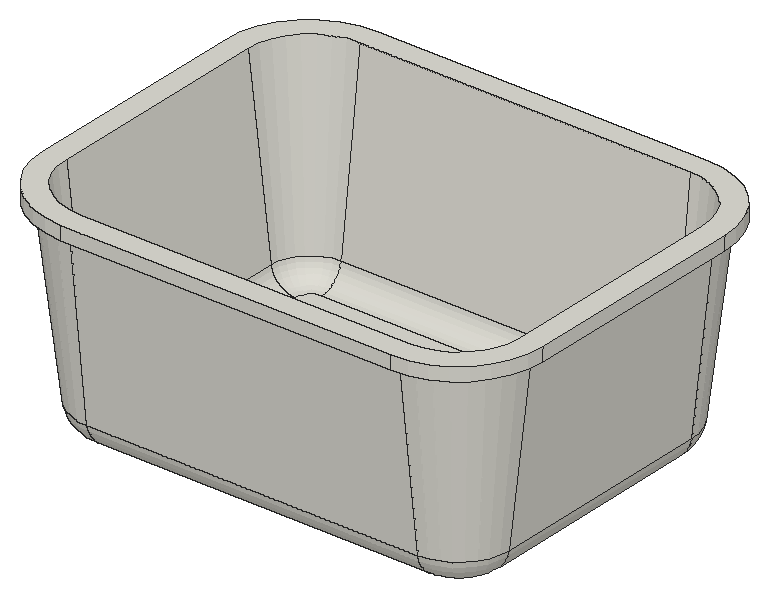
Revit family "Sink-Corian-European-Sweet-859", category Plumbing Fixtures, host Face, Revit 2015
Parameters (values of type "859")
  Width = 484 mm
  WFU = 0
  Version = "2015 - v1.0b"  # constant formula
  URL = "http://www.corian.uk/-the-complete-residential-surfaces-solutions-"
  Sink Colors Available = "Bone, Cameo White, Designer White, Glacier White, Vanilla"
  Product Page URL = "http://www.corian.uk/-kitchen-sinks-"
  Model = "Sweet 859"  # constant formula
  Manufacturer = "DuPont"  # constant formula
  Length = 384 mm
  Interior Width = 440 mm
  Interior Length = 340 mm
  HWFU = 0
  Finish = Solid Surface Sink - DuPont - Bone
  Description = "Kitchen Sink Europe Specification"  # constant formula
  Depth = 215 mm
  Default Elevation = 1219.2 mm
  Cost = 0
  CWFU = 0
Reference planes
  plane 1 "Center (Front/Back)": y = 0
  plane 2: z = 0
  plane 3 "Center (Left/Right)": x = 0
  plane 4: y = 192
  plane 5: y = -192
  plane 6: x = -242
  plane 7: x = 242
  plane 8: z = -227
  plane 9: x = -220
  plane 10: x = 220
  plane 11: y = 170
  plane 12: y = -170
  plane 13 "NAME": z = -12
  plane 14: z = -212
Forms (mm)
  Extrusion 1, void
    sketch origin (0, 0, 0) x (1, 0, 0) y (0, 1, 0)
      loop
        line (160, 170) -> (-160, 170)
        arc (-160, 170) -> (-202.426, 152.426) -> (-220, 110) r 60
        line (-220, 110) -> (-220, -110)
        arc (-220, -110) -> (-202.426, -152.426) -> (-160, -170) r 60
        line (-160, -170) -> (160, -170)
        arc (160, -170) -> (202.426, -152.426) -> (220, -110) r 60
        line (220, -110) -> (220, 110)
        arc (220, 110) -> (202.426, 152.426) -> (160, 170) r 60
    from -227 to 0
  Sweep 2, solid, material "Solid Surface Sink - DuPont - Bone" <- "Finish"
    path origin (-322.065, -4572, -12) x (-1, 0, 0) y (0, -1, 0)
      loop
        arc (-162.065, -4742) -> (-119.638, -4724.426) -> (-102.065, -4682) r 60
        line (-102.065, -4682) -> (-102.065, -4462)
        arc (-102.065, -4462) -> (-119.638, -4419.574) -> (-162.065, -4402) r 60
        line (-162.065, -4402) -> (-482.065, -4402)
        arc (-482.065, -4402) -> (-524.491, -4419.574) -> (-542.065, -4462) r 60
        line (-542.065, -4462) -> (-542.065, -4682)
        arc (-542.065, -4682) -> (-524.491, -4724.426) -> (-482.065, -4742) r 60
        line (-482.065, -4742) -> (-162.065, -4742)
    profile origin (0, 170, -12) x (0, 1, 0) y (0, 0, 1)
      loop
        line (0, 0) -> (-22.079, -179.82)
        arc (-22.079, -179.82) -> (-30.084, -194.262) -> (-45.567, -200) r 23.76
        line (-45.567, -200) -> (-45.567, -215) -> (-43.059, -215)
        arc (-43.059, -215) -> (-21.864, -207.391) -> (-10.35, -188.039) r 33.322
        line (-10.35, -188.039) -> (11.149, -12.946) -> (22, -12.946) -> (22, 0) -> (0, 0)
  Extrusion 3, void, detail levels medium+fine
    sketch origin (-322.065, -4572, -12) x (0, -1, 0) y (-1, 0, 0)
      loop
        circle (-4643, -322.065) r 44.45
    from 200 to 215
  Extrusion 4, solid, material "Solid Surface Sink - DuPont - Bone" <- "Finish"
    sketch origin (-322.065, -4572, -12) x (-1, 0, 0) y (0, -1, 0)
      loop
        line (-147.632, -4682) -> (-147.632, -4462)
        arc (-147.632, -4462) -> (-151.859, -4451.795) -> (-162.065, -4447.567) r 14.433
        line (-162.065, -4447.567) -> (-482.065, -4447.567)
        arc (-482.065, -4447.567) -> (-492.27, -4451.795) -> (-496.497, -4462) r 14.433
        line (-496.497, -4462) -> (-496.497, -4682)
        arc (-496.497, -4682) -> (-492.27, -4692.205) -> (-482.065, -4696.433) r 14.433
        line (-482.065, -4696.433) -> (-162.065, -4696.433)
        arc (-162.065, -4696.433) -> (-151.859, -4692.205) -> (-147.632, -4682) r 14.433
    from -215 to -200
Cuts and joins
  Extrusion 3 cuts Sweep 2
  Extrusion 3 cuts Extrusion 4
  joined: Sweep 2, Extrusion 4
Lines and regions (mm)
  Masking region 1
    outline origin (-322.065, -4572, -12) x (-1, 0, 0) y (0, -1, 0)
      loop
        line (-102.065, -4682) -> (-102.065, -4462)
        arc (-102.065, -4462) -> (-119.638, -4419.574) -> (-162.065, -4402) r 60
        line (-162.065, -4402) -> (-482.065, -4402)
        arc (-482.065, -4402) -> (-524.491, -4419.574) -> (-542.065, -4462) r 60
        line (-542.065, -4462) -> (-542.065, -4682)
        arc (-542.065, -4682) -> (-524.491, -4724.426) -> (-482.065, -4742) r 60
        line (-482.065, -4742) -> (-162.065, -4742)
        arc (-162.065, -4742) -> (-119.638, -4724.426) -> (-102.065, -4682) r 60
  Masking region 2, detail levels medium+fine
    outline origin (-322.065, -4572, -12) x (-1, 0, 0) y (0, -1, 0)
      loop
        circle (-322.065, -4643) r 44.45
  Masking region 3, detail levels fine
    outline origin (-322.065, -4572, -12) x (-1, 0, 0) y (0, -1, 0)
      loop
        line (-482.065, -4719.921) -> (-162.065, -4719.921)
        arc (-162.065, -4719.921) -> (-135.251, -4708.814) -> (-124.144, -4682) r 37.921
        line (-124.144, -4682) -> (-124.144, -4462)
        arc (-124.144, -4462) -> (-135.251, -4435.186) -> (-162.065, -4424.079) r 37.921
        line (-162.065, -4424.079) -> (-482.065, -4424.079)
        arc (-482.065, -4424.079) -> (-508.879, -4435.186) -> (-519.986, -4462) r 37.921
        line (-519.986, -4462) -> (-519.986, -4682)
        arc (-519.986, -4682) -> (-508.879, -4708.814) -> (-482.065, -4719.921) r 37.921
Dimensions and locks
  equal spacing: plane 4, plane 1 "Center (Front/Back)", plane 5
  equal spacing: plane 6, plane 3 "Center (Left/Right)", plane 7
  "Length": plane 4 to plane 5
  "Width": plane 6 to plane 7
  equal spacing: plane 9, plane 3 "Center (Left/Right)", plane 10
  equal spacing: plane 11, plane 1 "Center (Front/Back)", plane 12
  "Interior Width": plane 9 to plane 10
  "Interior Length": plane 11 to plane 12
  locked: plane 2 to plane 13 "NAME" at 12
  "Depth": plane 13 "NAME" to plane 8
  plane 3 "Center (Left/Right)" to plane 7 = 242 mm
  locked: plane 14 to plane 8 at 15
  locked: plane 1 "Center (Front/Back)" to Extrusion 3 sketch curve at 71
  plane 11 to Sweep 2 sketch curve to Sweep 2 sketch curve to Sweep 2 sketch curve = 0 mm locked, 60 mm locked, 0 mm locked
  Sweep 2 sketch curve to Sweep 2 sketch curve to plane 12 to Sweep 2 sketch curve = 0 mm locked, 60 mm locked, 0 mm locked
  plane 9 to Sweep 2 sketch curve to Sweep 2 sketch curve to Sweep 2 sketch curve = 0 mm locked, 60 mm locked, 0 mm locked
  Sweep 2 sketch curve to Sweep 2 sketch curve to plane 10 to Sweep 2 sketch curve = 0 mm locked, 60 mm locked, 0 mm locked
  Sweep 2 sketch curve to Sweep 2 sketch curve to plane 11 to Sweep 2 sketch curve to Sweep 2 sketch curve to Sweep 2 sketch curve to Sweep 2 sketch curve = 10.851 mm locked, 11.149 mm locked, 0 mm locked, 10.35 mm locked, 11.729 mm locked, 23.488 mm locked
  Sweep 2 sketch curve to Sweep 2 sketch curve to Sweep 2 sketch curve to plane 8 to Sweep 2 sketch curve = 8.218 mm locked, 11.961 mm locked, 15 mm locked, 0 mm locked
  plane 13 "NAME" to Sweep 2 sketch curve to Sweep 2 sketch curve = 0 mm locked, 12.946 mm locked
  plane 11 to Extrusion 4 sketch curve to Extrusion 4 sketch curve to Extrusion 4 sketch curve = 45.567 mm locked, 14.433 mm locked, 0 mm locked
  Extrusion 4 sketch curve to Extrusion 4 sketch curve to Extrusion 4 sketch curve to plane 12 = 0 mm locked, 14.433 mm locked, 45.567 mm locked
  plane 9 to Extrusion 4 sketch curve to Extrusion 4 sketch curve to Extrusion 4 sketch curve = 45.567 mm locked, 14.433 mm locked, 0 mm locked
  Extrusion 4 sketch curve to Extrusion 4 sketch curve to Extrusion 4 sketch curve to plane 10 = 0 mm locked, 14.433 mm locked, 45.567 mm locked
  aligned and locked: plane 2 to host face
  aligned and locked: level to host face
  aligned and locked: Extrusion 1 to plane 8
  aligned and locked: level to Extrusion 1
  aligned and locked: Extrusion 3 to plane 8
  aligned and locked: plane 12 to Sweep 2 sketch curve
  aligned and locked: Extrusion 4 to plane 8
  aligned and locked: plane 3 "Center (Left/Right)" to Extrusion 3 sketch curve
  aligned and locked: plane 11 to Extrusion 1 sketch curve
  aligned and locked: plane 10 to Extrusion 1 sketch curve
  aligned and locked: Extrusion 1 sketch curve to plane 12
  aligned and locked: Extrusion 1 sketch curve to plane 9
  aligned and locked: plane 14 to cut or joined group of Sweep 2, Extrusion 3, Extrusion 4  (x2)
  aligned and locked: cut or joined group of Sweep 2, Extrusion 3, Extrusion 4 to plane 8
  aligned and locked: plane 8 to cut or joined group of Sweep 2, Extrusion 3, Extrusion 4
  aligned and locked: Masking region 1 sketch curve to plane 12
  aligned and locked: plane 10 to Masking region 1 sketch curve
  aligned and locked: plane 11 to Masking region 1 sketch curve
  aligned and locked: Masking region 1 sketch curve to plane 9
Automatic sketch dimensions
  host sketch curve to host sketch curve = 2438.4 mm  (x2)
  plane 9 to Extrusion 1 sketch curve = 60 mm  (x2)
  Extrusion 1 sketch curve to plane 11 = 60 mm
  Extrusion 1 sketch curve to plane 10 = 60 mm
  Masking region 2 sketch curve to Masking region 2 sketch curve = 0 mm  (x2)
  Masking region 2 sketch curve to plane 3 "Center (Left/Right)" = 0 mm
  Masking region 2 sketch curve to plane 11 = 99 mm
  Masking region 2 sketch curve to plane 11 = 54.55 mm
  Sweep 2 sketch curve to Sweep 2 sketch curve = 2.509 mm
  Sweep 2 sketch curve to Sweep 2 sketch curve = 0 mm
  Masking region 1 sketch curve to plane 10 = 60 mm
  Masking region 1 sketch curve to Masking region 1 sketch curve = 60 mm
  Masking region 1 sketch curve to plane 11 = 60 mm
  plane 12 to Masking region 1 sketch curve = 60 mm
  Masking region 3 sketch curve to Masking region 3 sketch curve = 37.921 mm  (x2)
  plane 9 to Masking region 3 sketch curve = 60 mm  (x2)
  plane 9 to Masking region 3 sketch curve = 22.079 mm
  Masking region 3 sketch curve to plane 11 = 60 mm
  Masking region 3 sketch curve to plane 10 = 60 mm
  plane 12 to Masking region 3 sketch curve = 60 mm
  radius of Extrusion 3 sketch curve = 44.45 mm
Connectors
  piping at (0, 71, -227), diameter 88.9
    settings: on cut or joined group of Sweep 2, Extrusion 3, Extrusion 4, index 1, connector inside diameter 24", connector length 0 mm, flow factor 0, pipe flow 0 GPM, pressure drop 0.00 psi, fitting loss kfactor 0, connector angle 0.00°, fixture units 0, engagement length 0 mm, angle of deflection 0.00°, flow configuration 0, flow direction 2, fitting loss method 0, system type 16, joint type 0, gender type 0, connector reference index -1, connector utility 0, adjustable connector no, is connector primary yes, connector description "Drain"
